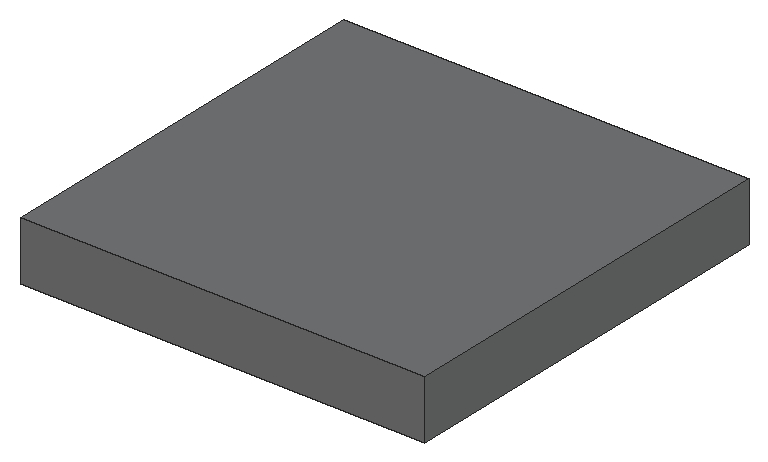
Revit family "Gira_028701", category Electrical Fixtures, host Face, Revit 2017
Family settings
  Host = Face
  Maintain Annotation Orientation = No
  Round Connector Dimension = Use Diameter
  Part Type = Normal
  Cut with Voids When Loaded = No
  Shared = No
  Room Calculation Point = No
Parameters (values of type "Wippe Symb. Tür System 55 Cremeweiß")
  Werkstoffgüte = "Thermoplast"
  Werkstoff = "Kunststoff"
  Verwendung = "Schalter/Taster"
  URL = "http://katalog.gira.de/de_DE/datenblatt.html?artikelnr=028701"
  Region = "DE"
  RAL-Nummer (ähnlich) = "1013 "
  Oberfläche = "sonstige"
  Name = "Wippe Symb. Tür System 55 Cremeweiß"
  Mit austauschbarer Linse/Symbol = "No"
  Mit Beschriftungsfeld = "No"
  Manufacturer URL = "https://www.gira.de/"
  Kontrollfenster/Lichtauslass = "Yes"
  Keynote = "Sys55_Abdeckung_Schalten und Tasten"
  HeinzeBIM = "https://bimportal.heinze.de/bim/wippe-symb-tuer-system-55-cremeweiss/a4ff5e0ec24ae795d9408c56cbf57d5dc81c65ba"
  Halogenfrei = "Yes"
  HAN = "028701"
  Geeignet für Schutzart (IP) = "IP20"
  Geeignet für Bussystem-Tasterankopplung = "No"
  GTIN = "4010337287018"
  Farbe = "cremeweiß (elektroweiß)"
  Default Elevation = 1219.2 mm
  Data sheet (1) = "https://katalog.gira.de/de_DE/download.html?artikelnr=028701"
  Category = "Abdeckung/Bedienelement für Installationsschalterprogramme"
  Befestigungsart = "Klemmbefestigung"
  Available = "Yes"
  Ausführung der Oberfläche = "glänzend"
  Ausführung = "einteilige Wippe"
  Aufdruck/Kennzeichnung = "Symbol \"Schlüssel/Tür\""
  Anthrazit [instance] = Anthrazit
  Abtastbares Symbol/barrierefrei = "No"
Reference planes
  plane 1 "Center (Front/Back)": y = 0
  plane 2: z = 0
  plane 3 "Center (Left/Right)": x = 0
Forms (mm)
  Extrusion 1, solid, material "Anthrazit" <- "Anthrazit", detail levels fine
    sketch origin (0, 0, 0) x (1, 0, 0) y (0, 1, 0)
      loop
        line (-27.5, 27.5) -> (-27.5, -27.5) -> (27.5, -27.5) -> (27.5, 27.5) -> (-27.5, 27.5)
    from 0 to 8
  Extrusion 2, void
    sketch origin (0, 0, 0) x (1, 0, 0) y (0, 1, 0)
      loop
        line (26, 26) -> (-26, 26) -> (-26, -26) -> (26, -26) -> (26, 26)
    from 0 to 6
  Extrusion 3, solid, material "Anthrazit" <- "Anthrazit", detail levels medium
    sketch origin (0, 0, 0) x (1, 0, 0) y (0, 1, 0)
      loop
        line (-27.5, 27.5) -> (-27.5, -27.5) -> (27.5, -27.5) -> (27.5, 27.5) -> (-27.5, 27.5)
    from 0 to 8
  Extrusion 4, solid, material "Anthrazit" <- "Anthrazit", detail levels medium
    sketch origin (0, 0, 0) x (1, 0, 0) y (0, 1, 0)
      loop
        line (11, -17.5) -> (11, 17.5) -> (-11, 17.5) -> (-11, -17.5) -> (11, -17.5)
    from -6 to 6
  Extrusion 5, solid, material "Anthrazit" <- "Anthrazit", detail levels fine
    sketch origin (0, 0, 0) x (1, 0, 0) y (0, 1, 0)
      loop
        line (11, 17.5) -> (-11, 17.5) -> (-11, 16.5) -> (11, 16.5) -> (11, 17.5)
      loop
        line (-11, -16.5) -> (-11, -17.5) -> (11, -17.5) -> (11, -16.5) -> (-11, -16.5)
    from -4 to 6
  Extrusion 6, solid, material "Anthrazit" <- "Anthrazit", detail levels fine
    sketch origin (0, 0, 0) x (1, 0, 0) y (0, 1, 0)
      loop
        arc (5, 9.347) -> (0, 10.6) -> (-5, 9.347) r 10.6
        line (-5, 9.347) -> (-5, -9.347)
        arc (-5, -9.347) -> (0, -10.6) -> (5, -9.347) r 10.6
        line (5, -9.347) -> (5, 9.347)
    from -6 to 6
  Extrusion 7, solid, material "Anthrazit" <- "Anthrazit", detail levels coarse
    sketch origin (0, 0, 0) x (1, 0, 0) y (0, 1, 0)
      loop
        line (-27.5, 27.5) -> (-27.5, -27.5) -> (27.5, -27.5) -> (27.5, 27.5) -> (-27.5, 27.5)
    from -6 to 8
Cuts and joins
  Extrusion 2 cuts Extrusion 1
Dimensions and locks
  aligned and locked: plane 2 to host face
  aligned and locked: level to host face
